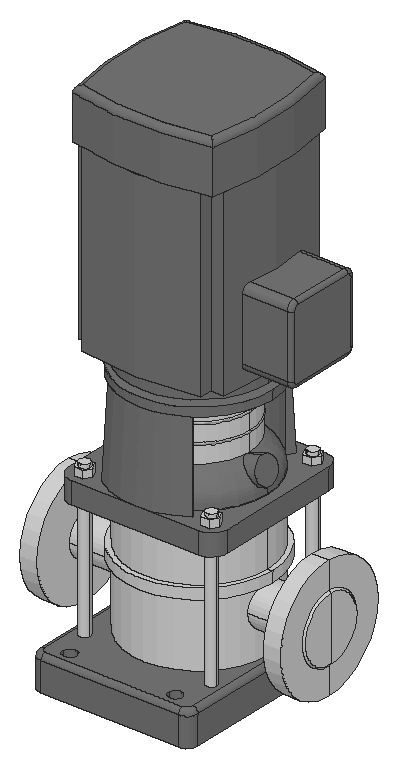
Revit family "TESK_Насос вертикальный_SVM(T)-1", category Оборудование, Revit 2019
Family settings
  Размер круглого соединителя = Использовать диаметр
  Классификация = Насос
  Тип детали = Вставляется
  На основе рабочей плоскости = Нет
  Всегда вертикально = Да
  При загрузке вырезать с полостями = Нет
  Общий = Нет
  Точка расчета площади = Нет
Parameters (values of type "Загрузите каталог типоразмеров TXT")
  Таблица_Поиска = "TESK_SVM(T)-1"  # constant formula
  Производитель_Контакты = "info@teskpump.ru"
  Напор максимальный = 0
  Материал_КорпусУлитка = TESK_Нержавеющая сталь
  Материал_КорпусДвигателя = TESK_Черный_Ребра_Условный
  Материал_2 = TESK_Нержавеющая сталь
  Материал_1 = TESK_Черный_Условный
  Длина_ВспомЛиния = 30 mm  # constant formula
  Высота_Перехода = size_lookup(Таблица_Поиска, "A5", 90 mm, ADSK_Марка)  # 90 mm
  Высота_Корпуса = size_lookup(Таблица_Поиска, "A4", 258 mm, ADSK_Марка)  # 258 mm
  Watermark [instance] = "Модели защищены уникальным кодом"
  URL = "www.teskpump.ru"
  ADSK_Свободный напор жидкости [instance] = 0.0 Pa
  ADSK_Расход жидкости [instance] = 0.0 L/s
  ADSK_Полная мощность = ADSK_Номинальная мощность * ADSK_Коэффициент мощности  # 0 kVA
  ADSK_Номинальная мощность = size_lookup(Таблица_Поиска, "Pow", 0 kW, ADSK_Марка)  # 0 kW
  ADSK_Напряжение = 400 V
  ADSK_Наименование краткое = "Вертикальный многоступенчатый центробежный насос"  # constant formula
  ADSK_Наименование = size_lookup(Таблица_Поиска, "Name", "Не найдено: Насос TESK SVM(T)-1", ADSK_Марка)  # "Не найдено: Насос TESK SVM(T)-1"
  ADSK_Масса_Текст = size_lookup(Таблица_Поиска, "mass_t", "Не найдено: Насос TESK SVM(T)-1", ADSK_Марка)  # "Не найдено: Насос TESK SVM(T)-1"
  ADSK_Масса = size_lookup(Таблица_Поиска, "mass", 0, ADSK_Марка)  # 0
  ADSK_Марка = "Загрузите каталог типоразмеров TXT"
  ADSK_Коэффициент мощности = 1
  ADSK_Количество фаз числовое = ADSK_Количество фаз  # 3
  ADSK_Количество фаз = if(ADSK_Напряжение = 230 V, 1, 3)  # 3
  ADSK_Количество = 1  # constant formula
  ADSK_Код изделия = size_lookup(Таблица_Поиска, "code", "Не найдено: Насос TESK SVM(T)-1", ADSK_Марка)  # "Не найдено: Насос TESK SVM(T)-1"
  ADSK_Классификация нагрузок = Прочее
  ADSK_Завод-изготовитель = "TESK"  # constant formula
  ADSK_Единица измерения = "шт."  # constant formula
  ADSK_Диаметр условный = 25 mm  # constant formula
  ADSK_Версия семейства = "1.0"  # constant formula
  ADSK_Версия Revit = "2019"  # constant formula
  Фланец_Толщина = 18 mm  # constant formula
  УГО_Длина = 250 mm  # constant formula
  Двигатель_Ширина = size_lookup(Таблица_Поиска, "A3", 148 mm, ADSK_Марка)  # 148 mm
  Двигатель_ОтступКоробки = size_lookup(Таблица_Поиска, "A2", 117 mm, ADSK_Марка)  # 117 mm
  Двигатель_Высота = size_lookup(Таблица_Поиска, "A1", 239 mm, ADSK_Марка)  # 239 mm
Reference planes
  plane 1 "По центру (Вперед/Назад)": y = 0
  plane 2: z = 0
  plane 3 "По центру (Влево/Вправо)": x = 0
  plane 4: x = -125
  plane 5: x = 125
  plane 6: x = -107
  plane 7: x = 107
  plane 8: z = -75
  plane 9: z = 183
  plane 10: z = -43
  plane 11: x = -65
  plane 12: z = 20
  plane 13: z = 30
  plane 14: z = 93
  plane 15: x = -40
  plane 16: z = 93
  plane 17: z = 73
  plane 18: x = -75
  plane 19: y = 75
  plane 20: x = 75
  plane 21: y = -75
  plane 22: z = 125.94
  plane 23: z = 175
  plane 24: z = 123
  plane 25: x = -46
  plane 26: x = -48
  plane 27: z = 140.333
  plane 28: z = 157.667
  plane 29: z = 158.667
  plane 30: z = 156.667
  plane 31: z = 141.333
  plane 32: z = 139.333
  plane 33: z = 170
  plane 34: x = -67
  plane 35: x = -75
  plane 36: x = -70
  plane 37: x = 67
  plane 38: x = 75
  plane 39: x = 70
  plane 40: x = -60
  plane 41: x = 60
  plane 42: y = -60
  plane 43: y = 60
  plane 44: z = 103
  plane 45: x = -75
  plane 46: x = 75
  plane 47: y = 105
  plane 48: y = -105
  plane 49: z = -48
  plane 50: x = -70
  plane 51: x = -75
  plane 52: x = -50
  plane 53: x = 50
  plane 54: y = -90
  plane 55: y = 90
  plane 56: z = 20
  plane 57: z = 30
  plane 58: x = -65
  plane 59: x = -70
  plane 60: x = -60
  plane 61: x = 60
  plane 62: y = 60
  plane 63: y = -60
  plane 64: z = 30
  plane 65: z = 105
  plane 66: x = 35
Forms (mm)
  Extrusion 1, solid, material "TESK_Нержавеющая сталь" <- "Материал_КорпусУлитка", detail levels fine
    sketch origin (0, 0, 0) x (0, 1, 0) y (0, 0, 1)
      loop
        circle (0, 0) r 20
    from -107 to 107
  Revolve 2, solid, material "TESK_Черный_Условный" <- "Материал_1", detail levels fine
    sketch origin (0, 0, 0) x (1, 0, 0) y (0, 0, 1)
      loop
        line (0, 175) -> (-40, 175) -> (-40, 125.94)
        spline (-40, 125.94) -> (-41.244, 122.444) -> (-44.01, 120.899) -> (-47.266, 119.354) -> (-50.371, 117.694) -> (-53.074, 115.884) -> (-55.632, 113.744) -> (-58.115, 111.259) -> (-60.275, 108.663) -> (-62.008, 106.179) -> (-63.365, 103.735) -> (-64.459, 99.975) -> (-65, 93)
        line (-65, 93) -> (-65, 73) -> (0, 73) -> (0, 175)
      axis (0, 73) -> (0, 175)
    angle from 0 to 360
  Extrusion 3, solid, material "TESK_Черный_Условный" <- "Материал_1", detail levels fine
    sketch origin (0, 0, 0) x (1, 0, 0) y (0, 1, 0)
      loop
        line (-75, 60) -> (-75, -60)
        arc (-75, -60) -> (-70.607, -70.607) -> (-60, -75) r 15
        line (-60, -75) -> (60, -75)
        arc (60, -75) -> (70.607, -70.607) -> (75, -60) r 15
        line (75, -60) -> (75, 60)
        arc (75, 60) -> (70.607, 70.607) -> (60, 75) r 15
        line (60, 75) -> (-60, 75)
        arc (-60, 75) -> (-70.607, 70.607) -> (-75, 60) r 15
    from 73 to 93
  Revolve 4, solid, material "TESK_Нержавеющая сталь" <- "Материал_2", detail levels fine
    sketch origin (0, 0, 0) x (1, 0, 0) y (0, 0, 1)
      loop
        line (-48, 170) -> (-48, 158.667)
        arc (-48, 158.667) -> (-49, 157.667) -> (-48, 156.667) r 1
        line (-48, 156.667) -> (-48, 141.333)
        arc (-48, 141.333) -> (-49, 140.333) -> (-48, 139.333) r 1
        line (-48, 139.333) -> (-48, 123) -> (-46, 123) -> (-46, 170) -> (-48, 170)
      axis (0, 123) -> (0, 170)
    angle from 0 to 360
  Extrusion 5, solid, material "TESK_Черный_Условный" <- "Материал_1", detail levels fine
    sketch origin (0, 0, 0) x (1, 0, 0) y (0, 1, 0)
      loop
        circle (0, 0) r 70
    from 175 to 183
  Revolve 6, solid, material "TESK_Черный_Условный" <- "Материал_1", detail levels fine
    sketch origin (0, 0, 0) x (1, 0, 0) y (0, 0, 1)
      loop
        line (-70, 175) -> (-75, 93) -> (-67, 93) -> (-67, 175) -> (-70, 175)
      axis (0, 93) -> (0, 175)
    angle from 125 to 55
  Revolve 7, solid, material "TESK_Черный_Условный" <- "Материал_1", detail levels fine
    sketch origin (0, 0, 0) x (-1, 0, 0) y (0, 0, 1)
      loop
        line (-70, 175) -> (-75, 93) -> (-67, 93) -> (-67, 175) -> (-70, 175)
      axis (0, 93) -> (0, 175)
    angle from -125 to -55
  Extrusion 8, solid, material "TESK_Нержавеющая сталь" <- "Материал_2", detail levels fine
    sketch origin (0, 0, 0) x (1, 0, 0) y (0, 1, 0)
      loop
        circle (-60, 60) r 5
      loop
        circle (60, 60) r 5
      loop
        circle (-60, -60) r 5
      loop
        circle (60, -60) r 5
    from -43 to 103
  Extrusion 9, solid, material "TESK_Черный_Условный" <- "Материал_1", detail levels fine
    sketch origin (0, 0, 0) x (1, 0, 0) y (0, 1, 0)
      loop
        arc (-65, 105) -> (-72.071, 102.071) -> (-75, 95) r 10
        line (-75, 95) -> (-75, -95)
        arc (-75, -95) -> (-72.071, -102.071) -> (-65, -105) r 10
        line (-65, -105) -> (65, -105)
        arc (65, -105) -> (72.071, -102.071) -> (75, -95) r 10
        line (75, -95) -> (75, 95)
        arc (75, 95) -> (72.071, 102.071) -> (65, 105) r 10
        line (65, 105) -> (-65, 105)
    from -75 to -43
  Sweep 10, void
    path in 3D
      loop
        arc (-75, -95, -43) -> (-72.071, -102.071, -43) -> (-65, -105, -43) r 10
        line (-65, -105, -43) -> (65, -105, -43)
        arc (65, -105, -43) -> (72.071, -102.071, -43) -> (75, -95, -43) r 10
        line (75, -95, -43) -> (75, 95, -43)
        arc (75, 95, -43) -> (72.071, 102.071, -43) -> (65, 105, -43) r 10
        line (65, 105, -43) -> (-65, 105, -43)
        arc (-65, 105, -43) -> (-72.071, 102.071, -43) -> (-75, 95, -43) r 10
        line (-75, 95, -43) -> (-75, -95, -43)
    profile origin (-75, 0, -43) x (1, 0, 0) y (0, 0, 1)
      loop
        arc (0, -5) -> (1.464, -1.464) -> (5, 0) r 5
        line (5, 0) -> (0, 0) -> (0, -5)
  Extrusion 11, void
    sketch origin (0, 0, 0) x (1, 0, 0) y (0, 1, 0)
      loop
        circle (-50, 90) r 6.5
      loop
        circle (50, 90) r 6.5
      loop
        circle (-50, -90) r 6.5
      loop
        circle (50, -90) r 6.5
    from -75 to -43
  Revolve 12, solid, material "TESK_Нержавеющая сталь" <- "Материал_КорпусУлитка", detail levels fine
    sketch origin (0, 0, 0) x (1, 0, 0) y (0, 0, 1)
      loop
        line (-65, -43) -> (0, -43) -> (0, 30) -> (-70, 30) -> (-70, 20) -> (-65, 20) -> (-65, -43)
      axis (0, -43) -> (0, 30)
    angle from 0 to 360
  Extrusion 13, solid, material "TESK_Нержавеющая сталь" <- "Материал_2", detail levels fine
    sketch origin (0, 0, 0) x (1, 0, 0) y (0, 1, 0)
      loop
        circle (0, 0) r 65
    from 30 to 73
  Sweep 14, solid, material "TESK_Черный_Условный" <- "Материал_1", detail levels fine
    path in 3D
      loop
        line (35, 0, 105) -> (63.978, 0, 112.765)
    profile origin (49.489, 0, 108.882) x (-0.258819, 0, 0.965926) y (0, -1, 0)
      loop
        circle (0, 0) r 12.65
Cuts and joins
  Sweep 10, Extrusion 11 cuts Extrusion 9
Lines and regions (mm)
  sketch lines
    curve 1: line (-75, 95, -43) -> (-75, -95, -43)
    curve 2: arc (-65, -105, -43) -> (-72.071, -102.071, -43) -> (-75, -95, -43) r 10
    curve 3: line (-65, -105, -43) -> (65, -105, -43)
    curve 4: arc (75, -95, -43) -> (72.071, -102.071, -43) -> (65, -105, -43) r 10
    curve 5: line (75, -95, -43) -> (75, 95, -43)
    curve 6: arc (65, 105, -43) -> (72.071, 102.071, -43) -> (75, 95, -43) r 10
    curve 7: line (65, 105, -43) -> (-65, 105, -43)
    curve 8: arc (-75, 95, -43) -> (-72.071, 102.071, -43) -> (-65, 105, -43) r 10
    curve 10: line (35, 0, 105) -> (63.978, 0, 112.765)
  reference lines
    curve 9: line (35, 0, 105) -> (63.978, 0, 112.765)
Dimensions and locks
  locked: plane 3 "По центру (Влево/Вправо)" to plane 4 at 125
  locked: plane 5 to plane 3 "По центру (Влево/Вправо)" at 125
  "Фланец_Толщина": plane 6 to plane 4
  "Фланец_Толщина": plane 5 to plane 7
  locked: plane 2 to plane 8 at 75
  "Высота_Корпуса": plane 9 to plane 8
  locked: plane 10 to plane 8 at 32
  locked: plane 3 "По центру (Влево/Вправо)" to plane 11 at 65
  locked: plane 12 to level at 20
  locked: plane 13 to plane 12 at 10
  "Высота_Перехода": plane 9 to plane 14
  locked: plane 3 "По центру (Влево/Вправо)" to plane 15 at 40
  "Высота_Перехода": plane 9 to plane 16
  locked: plane 16 to plane 17 at 20
  equal spacing: plane 18, plane 3 "По центру (Влево/Вправо)", plane 20
  equal spacing: plane 19, plane 1 "По центру (Вперед/Назад)", plane 21
  locked: plane 21 to plane 1 "По центру (Вперед/Назад)" at 75
  locked: plane 18 to plane 3 "По центру (Влево/Вправо)" at 75
  locked: plane 22 to plane 14 at 32.94
  locked: plane 24 to plane 16 at 30
  locked: plane 9 to plane 23 at 8
  locked: plane 3 "По центру (Влево/Вправо)" to plane 25 at 46
  locked: plane 3 "По центру (Влево/Вправо)" to plane 26 at 48
  equal spacing: plane 23, plane 28, plane 27, plane 24
  plane 29 to plane 28 to plane 30 = 1 mm locked, 1 mm locked
  plane 31 to plane 27 to plane 32 = 1 mm locked, 1 mm locked
  locked: plane 23 to plane 33 at 5
  locked: plane 3 "По центру (Влево/Вправо)" to plane 34 at 67
  locked: plane 35 to plane 3 "По центру (Влево/Вправо)" at 75
  locked: plane 3 "По центру (Влево/Вправо)" to plane 36 at 70
  locked: plane 37 to plane 3 "По центру (Влево/Вправо)" at 67
  locked: plane 39 to plane 3 "По центру (Влево/Вправо)" at 70
  locked: plane 38 to plane 3 "По центру (Влево/Вправо)" at 75
  equal spacing: plane 40, plane 3 "По центру (Влево/Вправо)", plane 41
  locked: plane 40 to plane 3 "По центру (Влево/Вправо)" at 60
  equal spacing: plane 43, plane 1 "По центру (Вперед/Назад)", plane 42
  locked: plane 43 to plane 1 "По центру (Вперед/Назад)" at 60
  locked: plane 44 to plane 16 at 10
  equal spacing: plane 45, plane 3 "По центру (Влево/Вправо)", plane 46
  locked: plane 45 to plane 3 "По центру (Влево/Вправо)" at 75
  equal spacing: plane 47, plane 1 "По центру (Вперед/Назад)", plane 48
  plane 47 to plane 1 "По центру (Вперед/Назад)" = 105 mm
  locked: plane 51 to plane 3 "По центру (Влево/Вправо)" at 75
  locked: plane 51 to plane 50 at 5
  locked: plane 10 to plane 49 at 5
  equal spacing: plane 52, plane 3 "По центру (Влево/Вправо)", plane 53
  locked: plane 52 to plane 3 "По центру (Влево/Вправо)" at 50
  equal spacing: plane 55, plane 1 "По центру (Вперед/Назад)", plane 54
  locked: plane 55 to plane 1 "По центру (Вперед/Назад)" at 90
  locked: plane 3 "По центру (Влево/Вправо)" to plane 58 at 65
  locked: plane 58 to plane 59 at 5
  locked: plane 56 to plane 2 at 20
  locked: plane 57 to plane 56 at 10
  equal spacing: plane 62, plane 1 "По центру (Вперед/Назад)", plane 63
  locked: plane 62 to plane 1 "По центру (Вперед/Назад)" at 60
  equal spacing: plane 60, plane 3 "По центру (Влево/Вправо)", plane 61
  locked: plane 3 "По центру (Влево/Вправо)" to plane 61 at 60
  locked: plane 64 to plane 2 at 30
  locked: plane 65 to plane 16 at 12
  locked: plane 66 to plane 3 "По центру (Влево/Вправо)" at 35
  "Длина_ВспомЛиния": curve 9 to curve 9
  diameter of Extrusion 1 sketch curve = 40 mm
  radius of Extrusion 3 sketch curve = 15 mm  (x4)
  radius of Revolve 4 sketch curve = 1 mm  (x2)
  diameter of Extrusion 5 sketch curve = 140 mm
  diameter of Extrusion 8 sketch curve = 10 mm  (x4)
  radius of Extrusion 9 sketch curve = 10 mm  (x4)
  radius of Sweep 10 sketch curve = 5 mm
  diameter of Extrusion 11 sketch curve = 13 mm  (x4)
  diameter of Extrusion 13 sketch curve = 130 mm
  diameter of Sweep 14 sketch curve = 25.3 mm
  locked: plane 65 to curve 9 (angle 15.00°)
  aligned and locked: level to plane 2
  aligned and locked: plane 1 "По центру (Вперед/Назад)" to nested 1
  aligned and locked: nested 2 to plane 1 "По центру (Вперед/Назад)"
  aligned and locked: plane 4 to nested 1
  aligned and locked: nested 2 to plane 5
  aligned and locked: Extrusion 1 to plane 6
  aligned and locked: plane 7 to Extrusion 1
  aligned and locked: plane 9 to nested 3
  aligned and locked: plane 3 "По центру (Влево/Вправо)" to Revolve 2 sketch curve
  aligned and locked: Revolve 2 sketch curve to plane 3 "По центру (Влево/Вправо)"
  aligned and locked: Revolve 2 sketch curve to plane 11
  aligned and locked: plane 14 to Revolve 2 sketch curve
  aligned and locked: Revolve 2 sketch curve to plane 15
  aligned and locked: Extrusion 3 sketch curve to plane 18
  aligned and locked: Extrusion 3 sketch curve to plane 19
  aligned and locked: Extrusion 3 sketch curve to plane 20
  aligned and locked: Extrusion 3 sketch curve to plane 21
  aligned and locked: plane 16 to Extrusion 3
  aligned and locked: Extrusion 3 to plane 17
  aligned and locked: plane 22 to Revolve 2 sketch curve
  aligned and locked: plane 3 "По центру (Влево/Вправо)" to Revolve 4 sketch curve
  aligned and locked: Revolve 4 sketch curve to plane 26  (x3)
  aligned and locked: Revolve 4 sketch curve to plane 24
  aligned and locked: Revolve 4 sketch curve to plane 25
  aligned and locked: Revolve 4 sketch curve to plane 33
  aligned and locked: Extrusion 5 to plane 23
  aligned and locked: plane 9 to Extrusion 5
  aligned and locked: plane 3 "По центру (Влево/Вправо)" to Revolve 6 sketch curve
  aligned and locked: Revolve 6 sketch curve to plane 34
  aligned and locked: plane 16 to Revolve 6 sketch curve
  aligned and locked: Revolve 6 sketch curve to plane 23
  aligned and locked: plane 35 to Revolve 6 sketch curve
  aligned and locked: plane 37 to Revolve 7 sketch curve
  aligned and locked: Revolve 7 sketch curve to plane 16
  aligned and locked: plane 23 to Revolve 7 sketch curve
  aligned and locked: plane 43 to Extrusion 8 sketch curve  (x2)
  aligned and locked: plane 40 to Extrusion 8 sketch curve  (x2)
  aligned and locked: plane 41 to Extrusion 8 sketch curve  (x2)
  aligned and locked: plane 42 to Extrusion 8 sketch curve  (x2)
  aligned and locked: Extrusion 8 to plane 10
  aligned and locked: plane 44 to Extrusion 8
  aligned and locked: Extrusion 9 sketch curve to plane 47
  aligned and locked: Extrusion 9 sketch curve to plane 45
  aligned and locked: Extrusion 9 sketch curve to plane 46
  aligned and locked: Extrusion 9 sketch curve to plane 48
  aligned and locked: plane 8 to Extrusion 9
  aligned and locked: plane 10 to Extrusion 9
  aligned and locked: Sweep 10 sketch curve to plane 51
  aligned and locked: profile plane to Sweep 10 sketch curve
  aligned and locked: Revolve 2 sketch curve to plane 23
  aligned and locked: nested 4 to plane 1 "По центру (Вперед/Назад)"
  aligned and locked: nested 4 to plane 3 "По центру (Влево/Вправо)"
  aligned and locked: nested 5 to plane 3 "По центру (Влево/Вправо)"
  aligned and locked: nested 5 to plane 1 "По центру (Вперед/Назад)"
  aligned and locked: plane 2 to nested 5
  aligned and locked: plane 52 to Extrusion 11 sketch curve  (x2)
  aligned and locked: plane 54 to Extrusion 11 sketch curve
  aligned and locked: plane 53 to Extrusion 11 sketch curve  (x2)
  aligned and locked: plane 55 to Extrusion 11 sketch curve  (x2)
  aligned and locked: plane 10 to Extrusion 11
  aligned and locked: Extrusion 11 to plane 8
  aligned and locked: plane 3 "По центру (Влево/Вправо)" to Revolve 12 sketch curve
  aligned and locked: Revolve 12 sketch curve to plane 10
  aligned and locked: Revolve 12 sketch curve to plane 58
  aligned and locked: Revolve 12 sketch curve to plane 56
  aligned and locked: Revolve 12 sketch curve to plane 59
  aligned and locked: Revolve 12 sketch curve to plane 57
  aligned and locked: Revolve 12 sketch curve to plane 3 "По центру (Влево/Вправо)"
  aligned and locked: plane 3 "По центру (Влево/Вправо)" to nested 3
  aligned and locked: plane 1 "По центру (Вперед/Назад)" to nested 3
  aligned and locked: nested 6 to plane 62
  aligned and locked: plane 61 to nested 6
  aligned and locked: plane 62 to nested 7
  aligned and locked: plane 60 to nested 7
  aligned and locked: plane 63 to nested 9
  aligned and locked: nested 9 to plane 60
  aligned and locked: nested 8 to plane 63
  aligned and locked: nested 8 to plane 61
  aligned and locked: plane 16 to nested 8
  aligned and locked: nested 6 to plane 16
  aligned and locked: nested 9 to plane 16
  aligned and locked: plane 16 to nested 7
  aligned and locked: Revolve 2 sketch curve to plane 17
  aligned and locked: plane 1 "По центру (Вперед/Назад)" to Extrusion 13 sketch curve
  aligned and locked: plane 3 "По центру (Влево/Вправо)" to Extrusion 13 sketch curve
  aligned and locked: plane 17 to Extrusion 13
  aligned and locked: Extrusion 13 to plane 64
  aligned and locked: plane 36 to Revolve 6 sketch curve
  aligned and locked: plane 38 to Revolve 7 sketch curve
  aligned and locked: plane 65 to curve 9
  aligned and locked: plane 66 to curve 9
Automatic sketch dimensions
  Extrusion 1 sketch curve to level = 0 mm
  Extrusion 1 sketch curve to plane 1 "По центру (Вперед/Назад)" = 0 mm
  Revolve 4 sketch curve to plane 32 = 0 mm
  Revolve 4 sketch curve to plane 30 = 0 mm
  Revolve 4 sketch curve to plane 24 = 10 mm
  Revolve 4 sketch curve to Revolve 4 sketch curve = 10 mm
  plane 1 "По центру (Вперед/Назад)" to Extrusion 5 sketch curve = 0 mm
  Extrusion 5 sketch curve to plane 3 "По центру (Влево/Вправо)" = 0 mm
  Sweep 10 sketch curve to plane 49 = 0 mm  (x2)
  Sweep 10 sketch curve to Sweep 10 sketch curve = 0 mm
  Sweep 10 sketch curve to plane 50 = 0 mm
  Extrusion 11 sketch curve to plane 54 = 0 mm
  Revolve 12 sketch curve to plane 17 = 30 mm
  Revolve 12 sketch curve to plane 17 = 10 mm
  Revolve 6 sketch curve to plane 44 = 0 mm
  Revolve 6 sketch curve to plane 24 = 7.057 mm
  plane 39 to Revolve 7 sketch curve = 0 mm
  Revolve 7 sketch curve to plane 3 "По центру (Влево/Вправо)" = 0 mm
  Revolve 7 sketch curve to plane 44 = 0 mm
  plane 24 to Revolve 7 sketch curve = 7.057 mm
  Sweep 14 sketch curve to profile plane = 0 mm
  profile plane to Sweep 14 sketch curve = 0 mm
  Revolve 2 sketch curve to Revolve 2 sketch curve = 8 mm
  plane 17 to Revolve 2 sketch curve = 2 mm
Nested families
  nested 1: "Фланец_Круглый" at (-107, 0, 0), Толщина_Фланца <- "Фланец_Толщина", ADSK_Материал <- "Материал_КорпусУлитка", type "Фланец_Круглый", detail levels fine
    with Толщина_Фланца 18 mm, Толщина_Зеркала 2 mm, Dнар_Фланца 115 mm, D_Зеркала 60 mm, ADSK_Материал TESK_Нержавеющая сталь
  nested 2: "Фланец_Круглый" at (107, 0, 0) x (-1, 0, 0) z (0, 0, 1), Толщина_Фланца <- "Фланец_Толщина", ADSK_Материал <- "Материал_КорпусУлитка", type "Фланец_Круглый", detail levels fine
    with Толщина_Фланца 18 mm, Толщина_Зеркала 2 mm, Dнар_Фланца 115 mm, D_Зеркала 60 mm, ADSK_Материал TESK_Нержавеющая сталь
  nested 3: "Электродвигатель" at (0, 0, 183), Высота_Двигателя <- "Двигатель_Высота", Отступ_Коробка <- "Двигатель_ОтступКоробки", Ширина_Двигателя <- "Двигатель_Ширина", ADSK_Материал <- "Материал_1", Материал_Корпуса <- "Материал_КорпусДвигателя", type "Электродвигатель", detail levels fine
    with Ширина_Коробки 74 mm, Ширина_Двигателя 148 mm, Отступ_Коробка 117 mm, Материал_Корпуса TESK_Черный_Ребра_Условный, Высота_Двигателя 239 mm, r_Крышка 5.92 mm, r_Коробка 7.4 mm, r2_Коробка 3.7 mm, r2 66.6 mm, r1 54.76 mm, h4 11.95 mm, h3 47.8 mm, h2 14.34 mm, h1 4.78 mm, a 17.76 mm, R 281.2 mm, ADSK_Материал TESK_Черный_Условный
  nested 4: "Вл_УГО_Насос_2D" at (0, 0, 0) x (-1, 0, 0) z (0, 0, 1), L_УГО <- "УГО_Длина", type "Вл_УГО_Насос_2D", detail levels coarse+medium
    with L_УГО 250 mm
  nested 5: "Вл_УГО_Насос_3D" at (0, 0, 0) x (-1, 0, 0) z (0, -1, 0), L_УГО <- "УГО_Длина", type "Вл_УГО_Насос_3D", detail levels coarse+medium
    with L_УГО 250 mm
  nested 6: "Гайка_Условная" at (60, 60, 93), Материал1 <- "Материал_2", type "Гайка_Условная", detail levels fine
    with Толщина_Гайка 7 mm, Материал1 TESK_Нержавеющая сталь, S_Гайка 14 mm, D_Вн 10 mm
  nested 7: "Гайка_Условная" at (-60, 60, 93) x (-1, 0, 0) z (0, 0, 1), Материал1 <- "Материал_2", type "Гайка_Условная", detail levels fine
    with Толщина_Гайка 7 mm, Материал1 TESK_Нержавеющая сталь, S_Гайка 14 mm, D_Вн 10 mm
  nested 8: "Гайка_Условная" at (60, -60, 93), Материал1 <- "Материал_2", type "Гайка_Условная", detail levels fine
    with Толщина_Гайка 7 mm, Материал1 TESK_Нержавеющая сталь, S_Гайка 14 mm, D_Вн 10 mm
  nested 9: "Гайка_Условная" at (-60, -60, 93) x (-1, 0, 0) z (0, 0, 1), Материал1 <- "Материал_2", type "Гайка_Условная", detail levels fine
    with Толщина_Гайка 7 mm, Материал1 TESK_Нержавеющая сталь, S_Гайка 14 mm, D_Вн 10 mm
Connectors
  electrical at (0, 0, 374.2), driven by "ADSK_Количество фаз", driven by "ADSK_Классификация нагрузок", driven by "ADSK_Напряжение", driven by "ADSK_Полная мощность", driven by "ADSK_Коэффициент мощности"
    settings: on nested 3, index 1, voltage 400 V, apparent load 0 kVA, apparent load phase1 0 kVA, apparent load phase2 0 kVA, apparent load phase3 0 kVA, power factor 1, load classification "Прочее", number of poles 3, system type 30, power factor state 1, is connector primary yes, connector utility no, sub classification motor no, connector description ""
  piping at (125, 0, 0), diameter 25, driven by "ADSK_Расход жидкости", driven by "ADSK_Диаметр условный"
    settings: on nested 2, index 2, connector inside diameter 609.6 mm, connector length 0 mm, flow factor 0, pipe flow 0.0 L/s, pressure drop 0.0 Pa, fitting loss kfactor 0, connector angle 0.00°, fixture units 0, engagement length 0 mm, angle of deflection 0.00°, flow configuration 0, flow direction 2, fitting loss method 0, system type 29, joint type 0, gender type 0, connector reference index 3, connector utility 0, adjustable connector no, is connector primary yes, connector description ""
  piping at (-125, 0, 0), diameter 25, driven by "ADSK_Расход жидкости", driven by "ADSK_Диаметр условный"
    settings: on nested 1, index 3, connector inside diameter 609.6 mm, connector length 0 mm, flow factor 0, pipe flow 0.0 L/s, pressure drop 0.0 Pa, fitting loss kfactor 0, connector angle 0.00°, fixture units 0, engagement length 0 mm, angle of deflection 0.00°, flow configuration 0, flow direction 1, fitting loss method 0, system type 29, joint type 0, gender type 0, connector reference index 2, connector utility 0, adjustable connector no, is connector primary no, connector description ""
Definition of nested family "Фланец_Круглый"
  Parameters (values of type "Фланец_Круглый")
    Толщина_Фланца [instance] = 30 mm
    Толщина_Зеркала [instance] = 2 mm
    Dнар_Фланца [instance] = 200 mm
    D_Зеркала [instance] = 90 mm
    ADSK_Материал [instance] = none
  Reference planes
    plane 1 "По центру (Вперед/Назад)": y = 0
    plane 2: z = 0
    plane 3 "По центру (Влево/Вправо)": x = 0
    plane 4: z = 100
    plane 5: z = -100
    plane 6: x = -30
    plane 7: x = -28
    plane 8: z = 45
    plane 9: z = -45
  Forms (mm)
    Revolve 1, solid, material <- "ADSK_Материал"
      sketch origin (0, 0, 0) x (1, 0, 0) y (0, 0, 1)
        loop
          line (0, 100) -> (-28, 100) -> (-28, 0) -> (0, 0) -> (0, 100)
        axis (-28, 0) -> (0, 0)
      angle from 0 to 360
    Revolve 2, solid, material <- "ADSK_Материал"
      sketch origin (0, 0, 0) x (1, 0, 0) y (0, 0, 1)
        loop
          line (-28, 47) -> (-30, 45) -> (-30, 0) -> (-28, 0) -> (-28, 47)
        axis (-30, 0) -> (-28, 0)
      angle from 0 to 360
  Cuts and joins
    joined: Revolve 1, Revolve 2
  Dimensions and locks
    equal spacing: plane 4, plane 2, plane 5
    "Dнар_Фланца": plane 4 to plane 5
    "Толщина_Фланца": plane 3 "По центру (Влево/Вправо)" to plane 6
    "Толщина_Зеркала": plane 7 to plane 6
    equal spacing: plane 8, plane 2, plane 9
    "D_Зеркала": plane 8 to plane 9
    locked: Revolve 2 sketch curve to plane 6 (angle 45.00°)
    aligned and locked: level to plane 2
    aligned and locked: Revolve 1 sketch curve to plane 2  (x2)
    aligned and locked: Revolve 1 sketch curve to plane 3 "По центру (Влево/Вправо)"
    aligned and locked: Revolve 1 sketch curve to plane 7
    aligned and locked: Revolve 1 sketch curve to plane 4
    aligned and locked: Revolve 2 sketch curve to plane 2  (x2)
    aligned and locked: Revolve 2 sketch curve to plane 7
    aligned and locked: Revolve 2 sketch curve to plane 6
    aligned and locked: plane 8 to Revolve 2 sketch curve
  Automatic sketch dimensions
    plane 7 to Revolve 1 sketch curve = 5 mm
    Revolve 1 sketch curve to plane 3 "По центру (Влево/Вправо)" = 2 mm
    plane 7 to Revolve 2 sketch curve = 12.352 mm
    Revolve 2 sketch curve to plane 3 "По центру (Влево/Вправо)" = 5.648 mm
Definition of nested family "Электродвигатель"
  Parameters (values of type "Электродвигатель")
    Ширина_Коробки [instance] = Ширина_Двигателя * 0.5  # 74 mm
    Ширина_Двигателя [instance] = 148 mm
    Отступ_Коробка [instance] = 117 mm
    Материал_Корпуса [instance] = none
    Высота_Двигателя [instance] = 239 mm
    r_Крышка [instance] = Ширина_Двигателя * 0.04  # 5.92 mm
    r_Коробка [instance] = Ширина_Коробки * 0.1  # 7.4 mm
    r2_Коробка [instance] = Ширина_Коробки * 0.05  # 3.7 mm
    r2 [instance] = Ширина_Двигателя * 0.45  # 66.6 mm
    r1 [instance] = Ширина_Двигателя * 0.37  # 54.76 mm
    h4 [instance] = Высота_Двигателя * 0.05  # 11.95 mm
    h3 [instance] = Высота_Двигателя * 0.2  # 47.8 mm
    h2 [instance] = Высота_Двигателя * 0.06  # 14.34 mm
    h1 [instance] = Высота_Двигателя * 0.02  # 4.78 mm
    a [instance] = Ширина_Двигателя * 0.12  # 17.76 mm
    R [instance] = Ширина_Двигателя * 1.9  # 281.2 mm
    ADSK_Материал [instance] = none
  Reference planes
    plane 1 "По центру (Вперед/Назад)": y = 0
    plane 2: z = 0
    plane 3 "По центру (Влево/Вправо)": x = 0
    plane 4: z = 239
    plane 5: x = -74
    plane 6: x = 74
    plane 7: x = 117
    plane 8: y = 74
    plane 9: y = -74
    plane 10: z = 4.78
    plane 11: z = 19.12
    plane 12: z = 191.2
    plane 13: x = -56.24
    plane 14: y = -56.24
    plane 15: y = 56.24
    plane 16: x = -56.24
    plane 17: x = 56.24
    plane 18: y = 56.24
    plane 19: x = 56.24
    plane 20: y = -56.24
    plane 21: x = -66.6
    plane 22: x = -54.76
    plane 23: x = 207.2
    plane 24: x = -207.2
    plane 25: y = -207.2
    plane 26: y = 207.2
    plane 27: x = 207.2
    plane 28: y = -207.2
    plane 29: x = -207.2
    plane 30: y = 207.2
    plane 31: y = 68.08
    plane 32: z = 233.08
    plane 33: z = 31.07
    plane 34: z = 105.07
    plane 35: y = -37
    plane 36: y = 37
    plane 37: x = 113.3
    plane 38: z = 101.37
  Forms (mm)
    Extrusion 1, solid, material <- "Материал_Корпуса"
      sketch origin (0, 0, 0) x (1, 0, 0) y (0, 1, 0)
        loop
          arc (-68.319, 56.24) -> (-74, 0) -> (-68.319, -56.24) r 281.2
          line (-68.319, -56.24) -> (-56.24, -56.24) -> (-56.24, -68.319)
          arc (-56.24, -68.319) -> (0, -74) -> (56.24, -68.319) r 281.2
          line (56.24, -68.319) -> (56.24, -56.24) -> (68.319, -56.24)
          arc (68.319, -56.24) -> (74, 0) -> (68.319, 56.24) r 281.2
          line (68.319, 56.24) -> (56.24, 56.24) -> (56.24, 68.319)
          arc (56.24, 68.319) -> (0, 74) -> (-56.24, 68.319) r 281.2
          line (-56.24, 68.319) -> (-56.24, 56.24) -> (-68.319, 56.24)
      from 19.12 to 191.2
    Revolve 2, solid, material <- "ADSK_Материал"
      sketch origin (0, 0, 0) x (1, 0, 0) y (0, 0, 1)
        loop
          line (-66.6, 19.12) -> (-66.6, 4.78) -> (-54.76, 4.78) -> (-54.76, 0) -> (0, 0) -> (0, 19.12) -> (-66.6, 19.12)
        axis (0, 0) -> (0, 19.12)
      angle from 0 to 360
    Extrusion 3, solid, material <- "ADSK_Материал"
      sketch origin (0, 0, 0) x (1, 0, 0) y (0, 1, 0)
        loop
          arc (-66.117, 66.117) -> (-74, 0) -> (-66.117, -66.117) r 281.2
          arc (-66.117, -66.117) -> (0, -74) -> (66.117, -66.117) r 281.2
          arc (66.117, -66.117) -> (74, 0) -> (66.117, 66.117) r 281.2
          arc (66.117, 66.117) -> (0, 74) -> (-66.117, 66.117) r 281.2
      from 191.2 to 239
    Sweep 4, void
      path in 3D
        loop
          arc (66.117, 66.117, 239) -> (74, 0, 239) -> (66.117, -66.117, 239) r 281.2
          arc (66.117, -66.117, 239) -> (0, -74, 239) -> (-66.117, -66.117, 239) r 281.2
          arc (-66.117, -66.117, 239) -> (-74, 0, 239) -> (-66.117, 66.117, 239) r 281.2
          arc (-66.117, 66.117, 239) -> (0, 74, 239) -> (66.117, 66.117, 239) r 281.2
      profile origin (0, 74, 239) x (0, 1, 0) y (0, 0, 1)
        loop
          line (0, 0) -> (-5.92, 0)
          arc (-5.92, 0) -> (-1.734, -1.734) -> (0, -5.92) r 5.92
          line (0, -5.92) -> (0, 0)
    Extrusion 5, solid, material <- "ADSK_Материал"
      sketch origin (0, 0, 0) x (0, 1, 0) y (0, 0, 1)
        loop
          line (-29.6, 31.07) -> (29.6, 31.07)
          arc (29.6, 31.07) -> (34.833, 33.237) -> (37, 38.47) r 7.4
          line (37, 38.47) -> (37, 97.67)
          arc (37, 97.67) -> (34.833, 102.903) -> (29.6, 105.07) r 7.4
          line (29.6, 105.07) -> (-29.6, 105.07)
          arc (-29.6, 105.07) -> (-34.833, 102.903) -> (-37, 97.67) r 7.4
          line (-37, 97.67) -> (-37, 38.47)
          arc (-37, 38.47) -> (-34.833, 33.237) -> (-29.6, 31.07) r 7.4
      from 0 to 117
    Sweep 6, void
      path in 3D
        loop
          arc (117, -29.6, 105.07) -> (117, -34.833, 102.903) -> (117, -37, 97.67) r 7.4
          line (117, -37, 97.67) -> (117, -37, 38.47)
          arc (117, -37, 38.47) -> (117, -34.833, 33.237) -> (117, -29.6, 31.07) r 7.4
          line (117, -29.6, 31.07) -> (117, 29.6, 31.07)
          arc (117, 29.6, 31.07) -> (117, 34.833, 33.237) -> (117, 37, 38.47) r 7.4
          line (117, 37, 38.47) -> (117, 37, 97.67)
          arc (117, 37, 97.67) -> (117, 34.833, 102.903) -> (117, 29.6, 105.07) r 7.4
          line (117, 29.6, 105.07) -> (117, -29.6, 105.07)
      profile origin (117, 0, 105.07) x (1, 0, 0) y (0, 0, 1)
        loop
          arc (-3.7, 0) -> (-1.084, -1.084) -> (0, -3.7) r 3.7
          line (0, -3.7) -> (0, 0) -> (-3.7, 0)
  Cuts and joins
    Sweep 4 cuts Extrusion 3
    Sweep 6 cuts Extrusion 5
  Lines and regions (mm)
    sketch lines
      curve 1: arc (-66.117, 66.117, 239) -> (0, 74, 239) -> (66.117, 66.117, 239) r 281.2
      curve 2: arc (66.117, 66.117, 239) -> (74, 0, 239) -> (66.117, -66.117, 239) r 281.2
      curve 3: arc (66.117, -66.117, 239) -> (0, -74, 239) -> (-66.117, -66.117, 239) r 281.2
      curve 4: arc (-66.117, -66.117, 239) -> (-74, 0, 239) -> (-66.117, 66.117, 239) r 281.2
      curve 5: line (117, 29.6, 105.07) -> (117, -29.6, 105.07)
      curve 6: arc (117, 29.6, 105.07) -> (117, 34.833, 102.903) -> (117, 37, 97.67) r 7.4
      curve 7: line (117, 37, 38.47) -> (117, 37, 97.67)
      curve 8: arc (117, 37, 38.47) -> (117, 34.833, 33.237) -> (117, 29.6, 31.07) r 7.4
      curve 9: line (117, -29.6, 31.07) -> (117, 29.6, 31.07)
      curve 10: arc (117, -29.6, 31.07) -> (117, -34.833, 33.237) -> (117, -37, 38.47) r 7.4
      curve 11: line (117, -37, 97.67) -> (117, -37, 38.47)
      curve 12: arc (117, -37, 97.67) -> (117, -34.833, 102.903) -> (117, -29.6, 105.07) r 7.4
  Dimensions and locks
    "Высота_Двигателя": plane 4 to plane 2
    equal spacing: plane 6, plane 3 "По центру (Влево/Вправо)", plane 5
    "Ширина_Двигателя": plane 6 to plane 5
    "Отступ_Коробка": plane 7 to plane 3 "По центру (Влево/Вправо)"
    equal spacing: plane 8, plane 1 "По центру (Вперед/Назад)", plane 9
    "Ширина_Двигателя": plane 8 to plane 9
    "a": plane 5 to plane 13
    "a": plane 14 to plane 9
    "a": plane 19 to plane 6
    "a": plane 20 to plane 9
    "a": plane 17 to plane 6
    "a": plane 8 to plane 18
    "a": plane 8 to plane 15
    "a": plane 5 to plane 16
    "r1": plane 3 "По центру (Влево/Вправо)" to plane 22
    "r2": plane 3 "По центру (Влево/Вправо)" to plane 21
    "h1": plane 10 to plane 2
    "h2": plane 11 to plane 10
    "h3": plane 4 to plane 12
    "R": plane 8 to plane 25
    "R": plane 5 to plane 23
    "R": plane 26 to plane 9
    "R": plane 24 to plane 6
    "R": plane 30 to plane 9
    "R": plane 8 to plane 28
    "R": plane 29 to plane 6
    "R": plane 5 to plane 27
    "r_Крышка": plane 8 to plane 31
    "r_Крышка": plane 4 to plane 32
    "h4": plane 33 to plane 11
    "Ширина_Коробки": plane 34 to plane 33
    equal spacing: plane 35, plane 1 "По центру (Вперед/Назад)", plane 36
    "Ширина_Коробки": plane 35 to plane 36
    "r2_Коробка": plane 7 to plane 37
    "r2_Коробка": plane 34 to plane 38
    "R": radius of Extrusion 1 sketch curve  (x4)
    "R": radius of Extrusion 3 sketch curve  (x4)
    "r_Крышка": radius of Sweep 4 sketch curve
    "r_Коробка": radius of Extrusion 5 sketch curve  (x4)
    "r2_Коробка": radius of Sweep 6 sketch curve
    aligned and locked: level to plane 2
    aligned and locked: Extrusion 1 sketch curve to plane 16
    aligned and locked: Extrusion 1 sketch curve to plane 17
    aligned and locked: Extrusion 1 sketch curve to plane 18
    aligned and locked: Extrusion 1 sketch curve to plane 20
    aligned and locked: Extrusion 1 sketch curve to plane 19
    aligned and locked: Extrusion 1 sketch curve to plane 13
    aligned and locked: Extrusion 1 sketch curve to plane 14
    aligned and locked: plane 12 to Extrusion 1
    aligned and locked: Extrusion 1 to plane 11
    aligned and locked: plane 3 "По центру (Влево/Вправо)" to Revolve 2 sketch curve
    aligned and locked: Revolve 2 sketch curve to plane 11
    aligned and locked: Revolve 2 sketch curve to plane 3 "По центру (Влево/Вправо)"
    aligned and locked: Revolve 2 sketch curve to level
    aligned and locked: Revolve 2 sketch curve to plane 21
    aligned and locked: Revolve 2 sketch curve to plane 22
    aligned and locked: Revolve 2 sketch curve to plane 10
    aligned and locked: plane 23 to Extrusion 1 sketch curve
    aligned and locked: plane 1 "По центру (Вперед/Назад)" to Extrusion 1 sketch curve  (x2)
    aligned and locked: plane 25 to Extrusion 1 sketch curve
    aligned and locked: plane 3 "По центру (Влево/Вправо)" to Extrusion 1 sketch curve  (x2)
    aligned and locked: plane 24 to Extrusion 1 sketch curve
    aligned and locked: plane 26 to Extrusion 1 sketch curve
    aligned and locked: plane 28 to Extrusion 3 sketch curve
    aligned and locked: plane 3 "По центру (Влево/Вправо)" to Extrusion 3 sketch curve  (x2)
    aligned and locked: plane 1 "По центру (Вперед/Назад)" to Extrusion 3 sketch curve  (x2)
    aligned and locked: plane 29 to Extrusion 3 sketch curve
    aligned and locked: plane 30 to Extrusion 3 sketch curve
    aligned and locked: plane 27 to Extrusion 3 sketch curve
    aligned and locked: plane 4 to Extrusion 3
    aligned and locked: Extrusion 3 to plane 12
    aligned and locked: profile plane to Sweep 4 sketch curve  (x2)
    aligned and locked: Extrusion 5 sketch curve to plane 33
    aligned and locked: Extrusion 5 sketch curve to plane 35
    aligned and locked: Extrusion 5 sketch curve to plane 34
    aligned and locked: Extrusion 5 sketch curve to plane 36
    aligned and locked: Extrusion 5 to plane 3 "По центру (Влево/Вправо)"
    aligned and locked: plane 7 to Extrusion 5
    aligned and locked: Sweep 6 sketch curve to plane 34
    aligned and locked: Sweep 6 sketch curve to plane 7
    aligned and locked: plane 37 to Sweep 6 sketch curve
    aligned and locked: plane 38 to Sweep 6 sketch curve
  Automatic sketch dimensions
    Extrusion 1 sketch curve to plane 15 = 0 mm
    plane 10 to Revolve 2 sketch curve = 5 mm
    Revolve 2 sketch curve to plane 11 = 0.698 mm
    Sweep 4 sketch curve to plane 31 = 0 mm  (x2)
    Sweep 4 sketch curve to plane 32 = 0 mm  (x2)
    Sweep 6 sketch curve to plane 37 = 0 mm
    Sweep 6 sketch curve to plane 38 = 0 mm
Definition of nested family "Вл_УГО_Насос_3D"
  Parameters (values of type "Вл_УГО_Насос_3D")
    L_УГО [instance] = 490 mm
    D = 200 mm  # constant formula
  Reference planes
    plane 1 "По центру (Вперед/Назад)": y = 0
    plane 2: z = 0
    plane 3 "По центру (Влево/Вправо)": x = 0
    plane 4: x = -245
    plane 5: x = 245
    plane 6: z = -1
    plane 7: z = 1
    plane 8: z = 0.5
    plane 9: z = -0.5
  Forms (mm)
    Extrusion 1, solid
      sketch origin (0, 0, 0) x (1, 0, 0) y (0, 1, 0)
        loop
          circle (0, 0) r 100
      from -0.5 to 0.5
    Extrusion 2, solid
      sketch origin (0, 0, 0) x (1, 0, 0) y (0, 1, 0)
        loop
          line (-100, 0) -> (50, -86.603) -> (50, 86.603) -> (-100, 0)
      from -1 to 1
  Lines and regions (mm)
    model lines
      curve 1: line (-245, 0, 0) -> (-100, 0, 0)
      curve 2: line (100, 0, 0) -> (245, 0, 0)
  Dimensions and locks
    equal spacing: plane 4, plane 3 "По центру (Влево/Вправо)", plane 5
    plane 7 to level to plane 6 = 1 mm locked, 1 mm locked
    plane 8 to level = 0.5 mm
    level to plane 9 = 0.5 mm
    "L_УГО": plane 4 to plane 5
    "D": diameter of Extrusion 1 sketch curve
    aligned and locked: level to plane 2
    aligned and locked: plane 3 "По центру (Влево/Вправо)" to Extrusion 1 sketch curve
    aligned and locked: plane 1 "По центру (Вперед/Назад)" to Extrusion 1 sketch curve
    aligned and locked: plane 8 to Extrusion 1
    aligned and locked: Extrusion 1 to plane 9
    aligned and locked: Extrusion 2 to plane 6
    aligned and locked: plane 7 to Extrusion 2
    aligned and locked: plane 1 "По центру (Вперед/Назад)" to curve 1
    aligned and locked: plane 4 to curve 1
    aligned and locked: plane 5 to curve 2
  Automatic sketch dimensions
    plane 1 "По центру (Вперед/Назад)" to Extrusion 2 sketch curve = 0 mm
    plane 3 "По центру (Влево/Вправо)" to Extrusion 2 sketch curve = 50 mm
    plane 1 "По центру (Вперед/Назад)" to Extrusion 2 sketch curve = 86.603 mm
    Extrusion 2 sketch curve to plane 1 "По центру (Вперед/Назад)" = 86.603 mm
    Extrusion 2 sketch curve to plane 3 "По центру (Влево/Вправо)" = 100 mm
    plane 1 "По центру (Вперед/Назад)" to curve 1 = 0 mm
    plane 1 "По центру (Вперед/Назад)" to curve 2 = 0 mm
    curve 1 to plane 3 "По центру (Влево/Вправо)" = 100 mm
    plane 3 "По центру (Влево/Вправо)" to curve 2 = 100 mm
Definition of nested family "Гайка_Условная"
  Parameters (values of type "Гайка_Условная")
    Толщина_Гайка [instance] = 10 mm
    Материал1 [instance] = none
    S_Гайка [instance] = 15 mm
    D_Вн [instance] = 10 mm
  Reference planes
    plane 1 "По центру (Вперед/Назад)": y = 0
    plane 2: z = 0
    plane 3 "По центру (Влево/Вправо)": x = 0
    plane 4: z = 10
  Forms (mm)
    Extrusion 1, solid, material <- "Материал1"
      sketch origin (0, 0, 0) x (1, 0, 0) y (0, 1, 0)
        loop
          line (8.66, 0) -> (4.33, 7.5) -> (-4.33, 7.5) -> (-8.66, 0) -> (-4.33, -7.5) -> (4.33, -7.5) -> (8.66, 0)
        loop
          circle (0, 0) r 5
      from 0 to 10
  Dimensions and locks
    equal spacing: Extrusion 1 sketch curve, plane 3 "По центру (Влево/Вправо)", Extrusion 1 sketch curve  (x3)
    "S_Гайка": Extrusion 1 sketch curve to Extrusion 1 sketch curve  (x3)
    "Толщина_Гайка": plane 4 to plane 2
    "D_Вн": diameter of Extrusion 1 sketch curve
    locked: Extrusion 1 sketch curve to Extrusion 1 sketch curve (angle 120.00°)  (x3)
    aligned and locked: level to plane 2
    aligned and locked: plane 1 "По центру (Вперед/Назад)" to Extrusion 1 sketch curve
    aligned and locked: plane 3 "По центру (Влево/Вправо)" to Extrusion 1 sketch curve
    aligned and locked: plane 4 to Extrusion 1
    aligned and locked: Extrusion 1 to plane 2
Definition of nested family "Вл_УГО_Насос_2D"
  Parameters (values of type "Вл_УГО_Насос_2D")
    L_УГО [instance] = 250 mm
    D = 200 mm  # constant formula
  Reference planes
    plane 1 "По центру (Вперед/Назад)": y = 0
    plane 2: z = 0
    plane 3 "По центру (Влево/Вправо)": x = 0
    plane 4: x = -125
    plane 5: x = 125
    plane 6: x = -100
    plane 7: x = 100
    plane 8: x = -100, in view "Опорный уровень"
  Lines and regions (mm)
    Filled region 1, type "Сплошная заливка - Черный", in view "Опорный уровень"
      outline origin (0, 0, 0) x (1, 0, 0) y (0, 1, 0)
        loop
          line (-100, 0) -> (50, -86.603) -> (50, 86.603) -> (-100, 0)
    detail lines, in view "Опорный уровень"
      curve 1: line (-125, 0, 0) -> (-100, 0, 0)
      curve 2: line (100, 0, 0) -> (125, 0, 0)
      curve 3: circle (0, 0, 0) r 100 normal (0, 0, 1)
  Dimensions and locks
    "L_УГО": plane 4 to plane 5
    equal spacing: plane 4, plane 3 "По центру (Влево/Вправо)", plane 5
    locked: plane 8 to plane 3 "По центру (Влево/Вправо)" at 100
    equal spacing: plane 6, plane 3 "По центру (Влево/Вправо)", plane 7
    "D": plane 6 to plane 7
    "D": diameter of curve 3
    aligned and locked: plane 4 to curve 1
    aligned and locked: plane 5 to curve 2
    aligned and locked: plane 1 "По центру (Вперед/Назад)" to curve 1
    aligned and locked: plane 8 to Filled region 1 sketch curve
    aligned and locked: plane 6 to curve 1
    aligned and locked: plane 7 to curve 2
    aligned and locked: plane 3 "По центру (Влево/Вправо)" to curve 3
    aligned and locked: plane 1 "По центру (Вперед/Назад)" to curve 3
  Automatic sketch dimensions
    plane 1 "По центру (Вперед/Назад)" to Filled region 1 sketch curve = 0 mm
    plane 3 "По центру (Влево/Вправо)" to Filled region 1 sketch curve = 50 mm
    plane 1 "По центру (Вперед/Назад)" to Filled region 1 sketch curve = 86.603 mm
    Filled region 1 sketch curve to plane 1 "По центру (Вперед/Назад)" = 86.603 mm
    plane 1 "По центру (Вперед/Назад)" to curve 2 = 0 mm
Types in the file's own list only (44): name | Напор максимальный | Материал_КорпусУлитка | Длина_ВспомЛиния | Высота_Перехода | Высота_Корпуса | ADSK_Полная мощность | ADSK_Номинальная мощность | ADSK_Напряжение | ADSK_Наименование | ADSK_Масса_Текст | ADSK_Масса | ADSK_Марка | ADSK_Код изделия | ADSK_Диаметр условный | Фланец_Толщина | УГО_Длина | Двигатель_Ширина | Двигатель_ОтступКоробки | Двигатель_Высота
  SVM 1-2 0.37kW 3x380V 50Hz IE3 | 13 | TESK_Нержавеющая сталь | 30 мм | 90 мм | 258 мм | 0 кВ·А | 0 кВт | 400 В | "Вертикальный многоступенчатый центробежный насос SVM, DN25, PN25, Hmax=13м (3x380V 50Hz IE3)" | "20" | 20 | "SVM 1-2 0.37kW 3x380V 50Hz IE3" | "771-20003380NSSF" | 25 мм | 18 мм | 250 мм | 148 мм | 117 мм | 239 мм
  SVM 1-3 0.37kW 3x380V 50Hz IE3 | 19 | TESK_Нержавеющая сталь | 30 мм | 90 мм | 276 мм | 0 кВ·А | 0 кВт | 400 В | "Вертикальный многоступенчатый центробежный насос SVM, DN25, PN25, Hmax=19м (3x380V 50Hz IE3)" | "20" | 20 | "SVM 1-3 0.37kW 3x380V 50Hz IE3" | "771-30003380NSSF" | 25 мм | 18 мм | 250 мм | 148 мм | 117 мм | 239 мм
  SVM 1-4 0.37kW 3x380V 50Hz IE3 | 24 | TESK_Нержавеющая сталь | 30 мм | 90 мм | 294 мм | 0 кВ·А | 0 кВт | 400 В | "Вертикальный многоступенчатый центробежный насос SVM, DN25, PN25, Hmax=24м (3x380V 50Hz IE3)" | "21" | 21 | "SVM 1-4 0.37kW 3x380V 50Hz IE3" | "771-40003380NSSF" | 25 мм | 18 мм | 250 мм | 148 мм | 117 мм | 239 мм
  SVM 1-5 0.37kW 3x380V 50Hz IE3 | 30 | TESK_Нержавеющая сталь | 30 мм | 90 мм | 312 мм | 0 кВ·А | 0 кВт | 400 В | "Вертикальный многоступенчатый центробежный насос SVM, DN25, PN25, Hmax=30м (3x380V 50Hz IE3)" | "21" | 21 | "SVM 1-5 0.37kW 3x380V 50Hz IE3" | "771-50003380NSSF" | 25 мм | 18 мм | 250 мм | 148 мм | 117 мм | 239 мм
  SVM 1-6 0.37kW 3x380V 50Hz IE3 | 36 | TESK_Нержавеющая сталь | 30 мм | 90 мм | 330 мм | 0 кВ·А | 0 кВт | 400 В | "Вертикальный многоступенчатый центробежный насос SVM, DN25, PN25, Hmax=36м (3x380V 50Hz IE3)" | "22" | 22 | "SVM 1-6 0.37kW 3x380V 50Hz IE3" | "771-60003380NSSF" | 25 мм | 18 мм | 250 мм | 148 мм | 117 мм | 239 мм
  SVM 1-7 0.37kW 3x380V 50Hz IE3 | 42 | TESK_Нержавеющая сталь | 30 мм | 90 мм | 348 мм | 0 кВ·А | 0 кВт | 400 В | "Вертикальный многоступенчатый центробежный насос SVM, DN25, PN25, Hmax=42м (3x380V 50Hz IE3)" | "23" | 23 | "SVM 1-7 0.37kW 3x380V 50Hz IE3" | "771-70003380NSSF" | 25 мм | 18 мм | 250 мм | 148 мм | 117 мм | 239 мм
  SVM 1-8 0.55kW 3x380V 50Hz IE3 | 48 | TESK_Нержавеющая сталь | 30 мм | 90 мм | 366 мм | 1 кВ·А | 1 кВт | 400 В | "Вертикальный многоступенчатый центробежный насос SVM, DN25, PN25, Hmax=48м (3x380V 50Hz IE3)" | "24" | 24 | "SVM 1-8 0.55kW 3x380V 50Hz IE3" | "771-80003380NSSF" | 25 мм | 18 мм | 250 мм | 148 мм | 117 мм | 239 мм
  SVM 1-9 0.55kW 3x380V 50Hz IE3 | 54 | TESK_Нержавеющая сталь | 30 мм | 90 мм | 384 мм | 1 кВ·А | 1 кВт | 400 В | "Вертикальный многоступенчатый центробежный насос SVM, DN25, PN25, Hmax=54м (3x380V 50Hz IE3)" | "25" | 25 | "SVM 1-9 0.55kW 3x380V 50Hz IE3" | "771-90003380NSSF" | 25 мм | 18 мм | 250 мм | 148 мм | 117 мм | 239 мм
  SVM 1-10 0.55kW 3x380V 50Hz IE3 | 60 | TESK_Нержавеющая сталь | 30 мм | 90 мм | 402 мм | 1 кВ·А | 1 кВт | 400 В | "Вертикальный многоступенчатый центробежный насос SVM, DN25, PN25, Hmax=60м (3x380V 50Hz IE3)" | "26" | 26 | "SVM 1-10 0.55kW 3x380V 50Hz IE3" | "771-100003380NSSF" | 25 мм | 18 мм | 250 мм | 148 мм | 117 мм | 239 мм
  SVM 1-11 0.55kW 3x380V 50Hz IE3 | 66 | TESK_Нержавеющая сталь | 30 мм | 90 мм | 420 мм | 1 кВ·А | 1 кВт | 400 В | "Вертикальный многоступенчатый центробежный насос SVM, DN25, PN25, Hmax=66м (3x380V 50Hz IE3)" | "26" | 26 | "SVM 1-11 0.55kW 3x380V 50Hz IE3" | "771-110003380NSSF" | 25 мм | 18 мм | 250 мм | 148 мм | 117 мм | 239 мм
  SVM 1-12 0.75kW 3x380V 50Hz IE3 | 72 | TESK_Нержавеющая сталь | 30 мм | 110 мм | 448 мм | 1 кВ·А | 1 кВт | 400 В | "Вертикальный многоступенчатый центробежный насос SVM, DN25, PN25, Hmax=72м (3x380V 50Hz IE3)" | "29" | 29 | "SVM 1-12 0.75kW 3x380V 50Hz IE3" | "771-120003380NSSF" | 25 мм | 18 мм | 250 мм | 170 мм | 142 мм | 280 мм
  SVM 1-13 0.75kW 3x380V 50Hz IE3 | 78 | TESK_Нержавеющая сталь | 30 мм | 110 мм | 466 мм | 1 кВ·А | 1 кВт | 400 В | "Вертикальный многоступенчатый центробежный насос SVM, DN25, PN25, Hmax=78м (3x380V 50Hz IE3)" | "30" | 30 | "SVM 1-13 0.75kW 3x380V 50Hz IE3" | "771-130003380NSSF" | 25 мм | 18 мм | 250 мм | 170 мм | 142 мм | 280 мм
  SVM 1-15 0.75kW 3x380V 50Hz IE3 | 89 | TESK_Нержавеющая сталь | 30 мм | 110 мм | 502 мм | 1 кВ·А | 1 кВт | 400 В | "Вертикальный многоступенчатый центробежный насос SVM, DN25, PN25, Hmax=89м (3x380V 50Hz IE3)" | "31" | 31 | "SVM 1-15 0.75kW 3x380V 50Hz IE3" | "771-150003380NSSF" | 25 мм | 18 мм | 250 мм | 170 мм | 142 мм | 280 мм
  SVM 1-17 1.1kW 3x380V 50Hz IE3 | 101 | TESK_Нержавеющая сталь | 30 мм | 110 мм | 538 мм | 1 кВ·А | 1 кВт | 400 В | "Вертикальный многоступенчатый центробежный насос SVM, DN25, PN25, Hmax=101м (3x380V 50Hz IE3)" | "33" | 33 | "SVM 1-17 1.1kW 3x380V 50Hz IE3" | "771-170003380NSSF" | 25 мм | 18 мм | 250 мм | 170 мм | 142 мм | 280 мм
  SVM 1-19 1.1kW 3x380V 50Hz IE3 | 113 | TESK_Нержавеющая сталь | 30 мм | 110 мм | 574 мм | 1 кВ·А | 1 кВт | 400 В | "Вертикальный многоступенчатый центробежный насос SVM, DN25, PN25, Hmax=113м (3x380V 50Hz IE3)" | "34" | 34 | "SVM 1-19 1.1kW 3x380V 50Hz IE3" | "771-190003380NSSF" | 25 мм | 18 мм | 250 мм | 170 мм | 142 мм | 280 мм
  SVM 1-21 1.1kW 3x380V 50Hz IE3 | 124 | TESK_Нержавеющая сталь | 30 мм | 110 мм | 610 мм | 1 кВ·А | 1 кВт | 400 В | "Вертикальный многоступенчатый центробежный насос SVM, DN25, PN25, Hmax=124м (3x380V 50Hz IE3)" | "35" | 35 | "SVM 1-21 1.1kW 3x380V 50Hz IE3" | "771-210003380NSSF" | 25 мм | 18 мм | 250 мм | 170 мм | 142 мм | 280 мм
  SVM 1-23 1.1kW 3x380V 50Hz IE3 | 137 | TESK_Нержавеющая сталь | 30 мм | 110 мм | 646 мм | 1 кВ·А | 1 кВт | 400 В | "Вертикальный многоступенчатый центробежный насос SVM, DN25, PN25, Hmax=137м (3x380V 50Hz IE3)" | "36" | 36 | "SVM 1-23 1.1kW 3x380V 50Hz IE3" | "771-230003380NSSF" | 25 мм | 18 мм | 250 мм | 170 мм | 142 мм | 280 мм
  SVM 1-25 1.5kW 3x380V 50Hz IE3 | 149 | TESK_Нержавеющая сталь | 30 мм | 130 мм | 692 мм | 2 кВ·А | 2 кВт | 400 В | "Вертикальный многоступенчатый центробежный насос SVM, DN25, PN25, Hmax=149м (3x380V 50Hz IE3)" | "42" | 42 | "SVM 1-25 1.5kW 3x380V 50Hz IE3" | "771-250003380NSSF" | 25 мм | 18 мм | 250 мм | 190 мм | 155 мм | 333 мм
  SVM 1-27 1.5kW 3x380V 50Hz IE3 | 161 | TESK_Нержавеющая сталь | 30 мм | 130 мм | 728 мм | 2 кВ·А | 2 кВт | 400 В | "Вертикальный многоступенчатый центробежный насос SVM, DN25, PN25, Hmax=161м (3x380V 50Hz IE3)" | "43" | 43 | "SVM 1-27 1.5kW 3x380V 50Hz IE3" | "771-270003380NSSF" | 25 мм | 18 мм | 250 мм | 190 мм | 155 мм | 333 мм
  SVM 1-30 1.5kW 3x380V 50Hz IE3 | 178 | TESK_Нержавеющая сталь | 30 мм | 130 мм | 782 мм | 2 кВ·А | 2 кВт | 400 В | "Вертикальный многоступенчатый центробежный насос SVM, DN25, PN25, Hmax=178м (3x380V 50Hz IE3)" | "45" | 45 | "SVM 1-30 1.5kW 3x380V 50Hz IE3" | "771-300003380NSSF" | 25 мм | 18 мм | 250 мм | 190 мм | 155 мм | 333 мм
  SVM 1-33 2.2kW 3x380V 50Hz IE3 | 196 | TESK_Нержавеющая сталь | 30 мм | 130 мм | 836 мм | 2 кВ·А | 2 кВт | 400 В | "Вертикальный многоступенчатый центробежный насос SVM, DN25, PN25, Hmax=196м (3x380V 50Hz IE3)" | "49" | 49 | "SVM 1-33 2.2kW 3x380V 50Hz IE3" | "771-330003380NSSF" | 25 мм | 18 мм | 250 мм | 190 мм | 155 мм | 333 мм
  SVM 1-36 2.2kW 3x380V 50Hz IE3 | 214 | TESK_Нержавеющая сталь | 30 мм | 130 мм | 890 мм | 2 кВ·А | 2 кВт | 400 В | "Вертикальный многоступенчатый центробежный насос SVM, DN25, PN25, Hmax=214м (3x380V 50Hz IE3)" | "51" | 51 | "SVM 1-36 2.2kW 3x380V 50Hz IE3" | "771-360003380NSSF" | 25 мм | 18 мм | 250 мм | 190 мм | 155 мм | 333 мм
  SVMT 1-2 0.37kW 3x380V 50Hz IE3 | 13 | TESK_Черный_Условный | 30 мм | 90 мм | 258 мм | 0 кВ·А | 0 кВт | 400 В | "Вертикальный многоступенчатый центробежный насос SVMT, DN25, PN25, Hmax=13м (3x380V 50Hz IE3)" | "20" | 20 | "SVMT 1-2 0.37kW 3x380V 50Hz IE3" | "771-20003380N" | 25 мм | 18 мм | 250 мм | 148 мм | 117 мм | 239 мм
  SVMT 1-3 0.37kW 3x380V 50Hz IE3 | 19 | TESK_Черный_Условный | 30 мм | 90 мм | 276 мм | 0 кВ·А | 0 кВт | 400 В | "Вертикальный многоступенчатый центробежный насос SVMT, DN25, PN25, Hmax=19м (3x380V 50Hz IE3)" | "20" | 20 | "SVMT 1-3 0.37kW 3x380V 50Hz IE3" | "771-30003380N" | 25 мм | 18 мм | 250 мм | 148 мм | 117 мм | 239 мм
  SVMT 1-4 0.37kW 3x380V 50Hz IE3 | 24 | TESK_Черный_Условный | 30 мм | 90 мм | 294 мм | 0 кВ·А | 0 кВт | 400 В | "Вертикальный многоступенчатый центробежный насос SVMT, DN25, PN25, Hmax=24м (3x380V 50Hz IE3)" | "21" | 21 | "SVMT 1-4 0.37kW 3x380V 50Hz IE3" | "771-40003380N" | 25 мм | 18 мм | 250 мм | 148 мм | 117 мм | 239 мм
  SVMT 1-5 0.37kW 3x380V 50Hz IE3 | 30 | TESK_Черный_Условный | 30 мм | 90 мм | 312 мм | 0 кВ·А | 0 кВт | 400 В | "Вертикальный многоступенчатый центробежный насос SVMT, DN25, PN25, Hmax=30м (3x380V 50Hz IE3)" | "21" | 21 | "SVMT 1-5 0.37kW 3x380V 50Hz IE3" | "771-50003380N" | 25 мм | 18 мм | 250 мм | 148 мм | 117 мм | 239 мм
  SVMT 1-6 0.37kW 3x380V 50Hz IE3 | 36 | TESK_Черный_Условный | 30 мм | 90 мм | 330 мм | 0 кВ·А | 0 кВт | 400 В | "Вертикальный многоступенчатый центробежный насос SVMT, DN25, PN25, Hmax=36м (3x380V 50Hz IE3)" | "22" | 22 | "SVMT 1-6 0.37kW 3x380V 50Hz IE3" | "771-60003380N" | 25 мм | 18 мм | 250 мм | 148 мм | 117 мм | 239 мм
  SVMT 1-7 0.37kW 3x380V 50Hz IE3 | 42 | TESK_Черный_Условный | 30 мм | 90 мм | 348 мм | 0 кВ·А | 0 кВт | 400 В | "Вертикальный многоступенчатый центробежный насос SVMT, DN25, PN25, Hmax=42м (3x380V 50Hz IE3)" | "23" | 23 | "SVMT 1-7 0.37kW 3x380V 50Hz IE3" | "771-70003380N" | 25 мм | 18 мм | 250 мм | 148 мм | 117 мм | 239 мм
  SVMT 1-8 0.55kW 3x380V 50Hz IE3 | 48 | TESK_Черный_Условный | 30 мм | 90 мм | 366 мм | 1 кВ·А | 1 кВт | 400 В | "Вертикальный многоступенчатый центробежный насос SVMT, DN25, PN25, Hmax=48м (3x380V 50Hz IE3)" | "24" | 24 | "SVMT 1-8 0.55kW 3x380V 50Hz IE3" | "771-80003380N" | 25 мм | 18 мм | 250 мм | 148 мм | 117 мм | 239 мм
  SVMT 1-9 0.55kW 3x380V 50Hz IE3 | 54 | TESK_Черный_Условный | 30 мм | 90 мм | 384 мм | 1 кВ·А | 1 кВт | 400 В | "Вертикальный многоступенчатый центробежный насос SVMT, DN25, PN25, Hmax=54м (3x380V 50Hz IE3)" | "25" | 25 | "SVMT 1-9 0.55kW 3x380V 50Hz IE3" | "771-90003380N" | 25 мм | 18 мм | 250 мм | 148 мм | 117 мм | 239 мм
  SVMT 1-10 0.55kW 3x380V 50Hz IE3 | 60 | TESK_Черный_Условный | 30 мм | 90 мм | 402 мм | 1 кВ·А | 1 кВт | 400 В | "Вертикальный многоступенчатый центробежный насос SVMT, DN25, PN25, Hmax=60м (3x380V 50Hz IE3)" | "26" | 26 | "SVMT 1-10 0.55kW 3x380V 50Hz IE3" | "771-100003380N" | 25 мм | 18 мм | 250 мм | 148 мм | 117 мм | 239 мм
  SVMT 1-11 0.55kW 3x380V 50Hz IE3 | 66 | TESK_Черный_Условный | 30 мм | 90 мм | 420 мм | 1 кВ·А | 1 кВт | 400 В | "Вертикальный многоступенчатый центробежный насос SVMT, DN25, PN25, Hmax=66м (3x380V 50Hz IE3)" | "26" | 26 | "SVMT 1-11 0.55kW 3x380V 50Hz IE3" | "771-110003380N" | 25 мм | 18 мм | 250 мм | 148 мм | 117 мм | 239 мм
  SVMT 1-12 0.75kW 3x380V 50Hz IE3 | 72 | TESK_Черный_Условный | 30 мм | 110 мм | 448 мм | 1 кВ·А | 1 кВт | 400 В | "Вертикальный многоступенчатый центробежный насос SVMT, DN25, PN25, Hmax=72м (3x380V 50Hz IE3)" | "29" | 29 | "SVMT 1-12 0.75kW 3x380V 50Hz IE3" | "771-120003380N" | 25 мм | 18 мм | 250 мм | 170 мм | 142 мм | 280 мм
  SVMT 1-13 0.75kW 3x380V 50Hz IE3 | 78 | TESK_Черный_Условный | 30 мм | 110 мм | 466 мм | 1 кВ·А | 1 кВт | 400 В | "Вертикальный многоступенчатый центробежный насос SVMT, DN25, PN25, Hmax=78м (3x380V 50Hz IE3)" | "30" | 30 | "SVMT 1-13 0.75kW 3x380V 50Hz IE3" | "771-130003380N" | 25 мм | 18 мм | 250 мм | 170 мм | 142 мм | 280 мм
  SVMT 1-15 0.75kW 3x380V 50Hz IE3 | 89 | TESK_Черный_Условный | 30 мм | 110 мм | 502 мм | 1 кВ·А | 1 кВт | 400 В | "Вертикальный многоступенчатый центробежный насос SVMT, DN25, PN25, Hmax=89м (3x380V 50Hz IE3)" | "31" | 31 | "SVMT 1-15 0.75kW 3x380V 50Hz IE3" | "771-150003380N" | 25 мм | 18 мм | 250 мм | 170 мм | 142 мм | 280 мм
